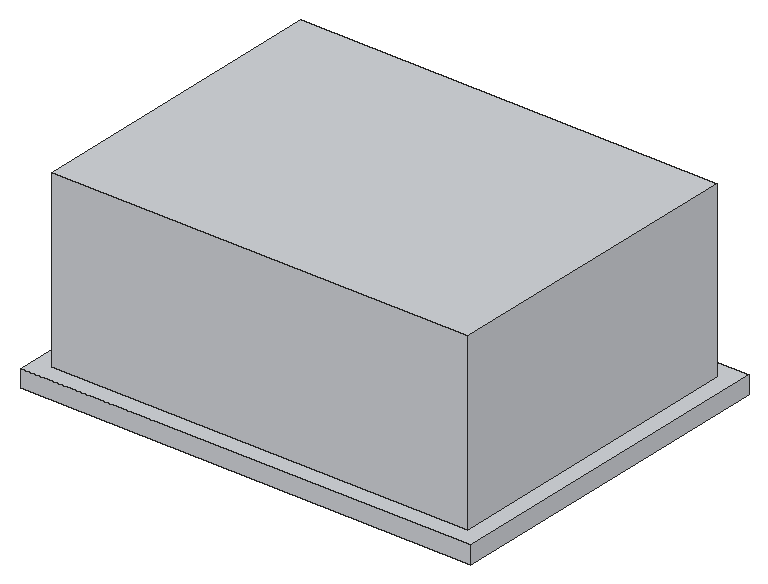
Revit family "Pile Cap for API", category Structural Foundations, Revit 2018
Family settings
  Material for Model Behavior = Other
  Cap = No
  OmniClass Number = 23.25.05.00
  OmniClass Title = Foundations
  Work Plane-Based = No
  Always vertical = Yes
  Cut with Voids When Loaded = No
  Shared = Yes
Parameters (values of type "Pile Cap for API")
  Width = 1800 mm
  Number of pile segments [instance] = 5
  Length = 2400 mm
  L7 [instance] = 4000 mm
  L6 [instance] = 4000 mm
  L5 [instance] = 4000 mm
  L4 [instance] = 4000 mm
  L3 [instance] = 4000 mm
  L2 [instance] = 4000 mm
  L1 [instance] = 4000 mm
  Foundation Thickness = 1000 mm
  D = 250 mm
Reference planes
  plane 1 "Center (Front/Back)": y = 0
  plane 2: z = 0
  plane 3 "Center (Left/Right)": x = 0
  plane 4: x = -1200
  plane 5: x = 1200
  plane 6: y = 900
  plane 7: y = -900
  plane 8: z = -1000
  plane 9: z = -1100
  plane 10: y = 360
  plane 11: y = -360
  plane 12: z = -500
  plane 13: y = 1000
  plane 14: x = -1300
  plane 15: x = 1300
  plane 16: y = -1000
Forms (mm)
  Extrusion 1, solid
    sketch origin (0, 0, 0) x (1, 0, 0) y (0, 1, 0)
      loop
        line (-1200, 900) -> (-1200, -900) -> (1200, -900) -> (1200, 900) -> (-1200, 900)
    from 0 to -1000
  Extrusion 2, solid
    sketch origin (0, 0, 0) x (1, 0, 0) y (0, 1, 0)
      loop
        line (-1300, 1000) -> (-1300, -1000) -> (1300, -1000) -> (1300, 1000) -> (-1300, 1000)
    from -1000 to -1100
Cuts and joins
  joined: Extrusion 1, Extrusion 2
Dimensions and locks
  equal spacing: plane 6, plane 1 "Center (Front/Back)", plane 7
  "Width": plane 6 to plane 7
  equal spacing: plane 4, plane 3 "Center (Left/Right)", plane 5
  "Length": plane 4 to plane 5
  locked: plane 8 to plane 9 at 100
  "Foundation Thickness": plane 2 to plane 8
  equal spacing: plane 10, plane 1 "Center (Front/Back)", plane 11
  plane 10 to plane 11 = 720 mm
  plane 12 to plane 8 = 500 mm
  locked: plane 5 to plane 15 at 100
  locked: plane 14 to plane 4 at 100
  locked: plane 13 to plane 6 at 100
  locked: plane 7 to plane 16 at 100
  aligned and locked: plane 2 to level
  aligned and locked: Extrusion 1 sketch curve to plane 6
  aligned and locked: plane 4 to Extrusion 1 sketch curve
  aligned and locked: plane 7 to Extrusion 1 sketch curve
  aligned and locked: Extrusion 1 sketch curve to plane 5
  aligned and locked: Extrusion 1 to plane 2
  aligned and locked: Extrusion 1 to plane 8
  aligned and locked: Extrusion 2 sketch curve to plane 13
  aligned and locked: plane 14 to Extrusion 2 sketch curve
  aligned and locked: plane 16 to Extrusion 2 sketch curve
  aligned and locked: Extrusion 2 sketch curve to plane 15
  aligned and locked: Extrusion 2 to plane 8
  aligned and locked: Extrusion 2 to plane 9
